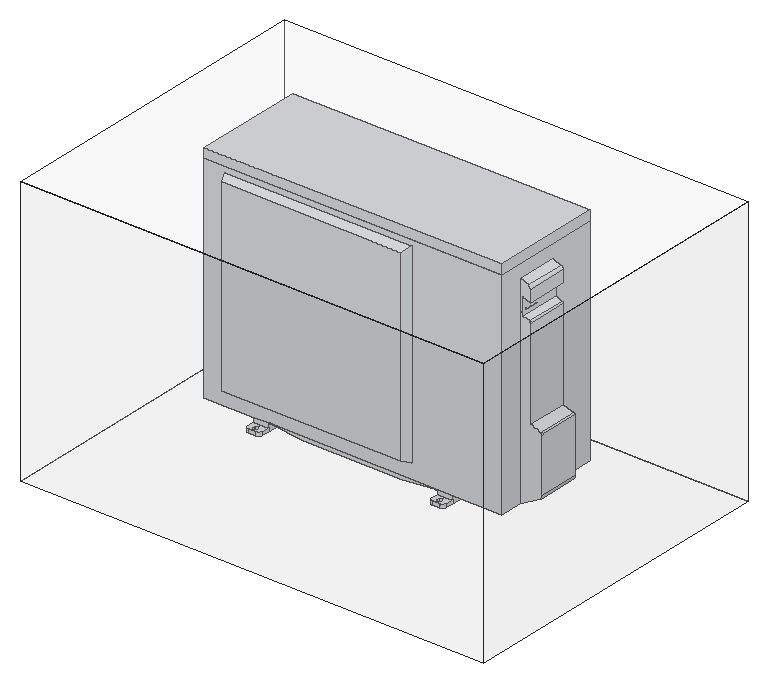
Revit family "puz-ermp40_63(s)ka11_60Hz", category 機械設備, Revit 2019
Family settings
  丸型コネクタ寸法 = 直径を使用
  パーツ タイプ = 標準
  OmniClass 番号 = 23.75.10.24.21.27.27
  OmniClass タイトル = Split System Air Conditioning Units
  作業面ベース = いいえ
  常に垂直 = はい
  ロード時にボイドで切り取り = いいえ
  共有 = いいえ
  部屋計算ポイント = いいえ
Parameters (values of type "PUZ-ERMP40KA11")
  音響パワーレベル（冷）(dB) = 64
  音響パワーレベル(dB) = 66
  電源種別 = ""
  電源位置Y = 61 mm
  電源位置Z = 497.7 mm
  電源位置X = 400 mm
  電圧 = 200 V
  電動機出力_送風機 = 0.04 kW
  電動機出力_圧縮機 = 0.7 kW
  集中コントローラ [instance] = ""
  運転質量 = 0.00 kg
  運転方法 = "冷暖切替"
  質量 = if(製品質量 > 運転質量, 製品質量, 運転質量) * 1.2  # 45.60 kg
  負荷分類 = 1_熱源類
  説明 = "空冷H/P PAC インバータ室外機"
  設計暖房能力 [instance] = 0 kW
  設計冷房能力_顕熱 [instance] = 0 kW
  設計冷房能力 [instance] = 0 kW
  設置方法 = "床置形"
  記号 [instance] = ""
  製造元 = "三菱電機株式会社"
  製品質量 = 38.00 kg
  製品出荷対象 = "国内"
  製品リリース年月 = "2021年5月10日"
  製品グループ = ""
  系統 [instance] = ""
  符号 = "PAC"
  積算_科目 = "1 空気調和設備"
  積算_拾い区分 [instance] = ""
  相 = 3
  盤記号 [instance] = ""
  発停方法 = "付属スイッチ"
  特殊仕様 [instance] = ""
  消費電力_暖房 = 0.871 kW
  消費電力_冷房 = 0.759 kW
  消費電力 = if(消費電力_冷房 > 消費電力_暖房, 消費電力_冷房, 消費電力_暖房)  # 0.871 kW
  法定耐用年数 = "6"
  構成品番 = "PUZ-ERMP40KA"
  極数 = 3
  材質 [instance] = ""
  本体マテリアル = none
  最小電線太さ_mm2 = 1.6
  最大電流値 = 0 A
  暖房能力 = 4 kW
  推奨ブレーカー容量 = 15 A
  据付ピッチ1 = 0 mm
  形式 = "パッケージ形 室外機"
  形名 = PUZ-ZRMP-1 : PUZ-ZRMP-1
  幹線記号 [instance] = ""
  始動方式 = "インバータ始動方式"
  呼称 = "パッケージ形空気調和機_室外機"
  周波数 = 60 Hz
  価格 = 450000
  ドレン　位置Z = 8.5 mm
  ドレン　位置Y = 48.5 mm
  ドレン　位置X = 404.5 mm
  アンカーボルト位置Y = 330 mm
  アンカーボルト位置X = 500 mm
  参照している仕様書等のバージョン = "公共建築物標準仕様書（機械設備工事編）平成31年度版"
  分類コード = "50053003126100"
  分類グループ = ""
  冷房能力 = 3.6 kW
  冷媒管（ガス）位置X = 420 mm
  冷媒管（液）位置X = 420 mm
  冷媒管（液）位置Y = 153.75 mm
  冷媒管（ガス）位置Y = 153.75 mm
  冷媒管長 [instance] = 0 mm
  冷媒管径符号 = "Ac"
  冷媒管径 = 60.00 mm
  冷媒管位置Z = 158.95 mm
  冷媒管位置Y = (冷媒管（液）位置Y + 冷媒管（ガス）位置Y) / 2  # 153.75 mm
  冷媒管位置X = (冷媒管（液）位置X + 冷媒管（ガス）位置X) / 2  # 420 mm
  冷媒液管径 = 6.35 mm
  冷媒ガス管径 = 12.70 mm
  企業コード = "108420"
  付属品 [instance] = ""
  仕様書バージョン = "Version1.0"
  ユニット数 = 1
  ユニット3 = yes
  ユニット2 = yes
  Model = ""
  ドレン管径 = 42.00 mm
  サービススペース = yes
  コメント [instance] = ""
  ケーブル種類1 = ""
  Width = 809 mm
  Version = ""
  Uniclass2015Version = "Systems v1.9"
  Uniclass2015Title = "Split coil remote air cooled condensing units"
  Uniclass2015Code = "Pr_70_65_03_84"
  URL = "https://www.mitsubishielectric.co.jp/ldg/wink/ssl/displayProduct.do?pid=311553"
  SpecificationReference = ""
  SpecificationDescription = ""
  Revision = ""
  ProductInformation = ""
  OmniClassCode = "23-33 17 13 11"
  IfcTypeProduct = ""
  IfcProduct = ""
  IfcExportType = "AIRCONDITIONINGUNIT"
  IfcExportAs = "IfcUnitaryEquipmentType"
  Height = 630 mm
  Depth = 300 mm
  Clearance Top = 100 mm
  Clearance Right = 350 mm
  Clearance Left = 100 mm
  Clearance Front = 500 mm
  Clearance Bottom = 0 mm
  Clearance Back = 100 mm
  COP = 0
  Author = "三菱電機株式会社"
  APF = 0
Reference planes
  plane 1 "中心(正面/背面)": y = 74
  plane 2: z = 0
  plane 3 "中心(左/右)": x = 830
  plane 4 "右": x = 1234.5
  plane 5 "左": x = 425.5
  plane 6 "背面": y = 224
  plane 7 "正面": y = -76
  plane 8 "上部": z = 630
  plane 9 "Clearanse Top": z = 730
  plane 10 "SS_back": y = 324
  plane 11 "SS_front": y = -576
  plane 12 "SS_left": x = 325.5
  plane 13 "SS_right": x = 1584.5
  plane 14: z = 0
  plane 15: y = -15
  plane 16: x = 1230
  plane 17: z = 497.7
  plane 18: y = -13
  plane 19: y = 70.25
  plane 20: x = 1250
  plane 21: y = 175.5
  plane 22: x = 830
  plane 23: z = 10.5
  plane 24: z = 8.5
  plane 25: x = 580
  plane 26: x = 1080
  plane 27: y = 239
  plane 28: y = -91
Forms (mm)
  Extrusion 1, solid, detail levels fine
    sketch origin (0, -76, 0) x (1, 0, 0) y (0, 0, 1)
      loop
        circle (1230, 497.7) r 13.5
    from -63 to -61
  Extrusion 2, solid, detail levels fine
    sketch origin (-1437.329, -1524, 54) x (-1, 0, 0) y (0, -1, 0)
      loop
        circle (-2267.329, -1699.5) r 21
    from -45.5 to -43.5
  Sweep 3, solid, material <- "本体マテリアル", detail levels fine
    path origin (1250, 1296.25, 1200) x (0, 1, 0) y (0, 0, 1)
      loop
        line (-1226, -1041.05) -> (-1272.623, -1084.565)
    profile origin (1250, 46.939, 137.193) x (0, 0.682318, -0.731055) y (1, 0, 0)
      loop
        circle (0, 0) r 30
Lines and regions (mm)
  model lines, not visible
    curve 1: line (460, 178.667, 1289.179) -> (460, 297.73, 1289.179)
    curve 2: line (460, 178.667, 1056.056) -> (460, 178.667, 1289.179)
    curve 3: line (460, 297.73, 1056.056) -> (460, 178.667, 1056.056)
    curve 4: line (460, 297.73, 1289.179) -> (460, 297.73, 1056.056)
    curve 5: line (460, 47.598, 1289.179) -> (460, 166.661, 1289.179)
    curve 6: line (460, 47.598, 1056.056) -> (460, 47.598, 1289.179)
    curve 7: line (460, 166.661, 1056.056) -> (460, 47.598, 1056.056)
    curve 8: line (460, 166.661, 1289.179) -> (460, 166.661, 1056.056)
    curve 9: line (460, -83.471, 1289.179) -> (460, 35.592, 1289.179)
    curve 10: line (460, -83.471, 1056.056) -> (460, -83.471, 1289.179)
    curve 11: line (460, 35.592, 1056.056) -> (460, -83.471, 1056.056)
    curve 12: line (460, 35.592, 1289.179) -> (460, 35.592, 1056.056)
    curve 13: line (460, -150.779, 1289.179) -> (460, -95.75, 1289.179)
    curve 14: line (460, -150.779, 1056.056) -> (460, -150.779, 1289.179)
    curve 15: line (460, -95.75, 1056.056) -> (460, -150.779, 1056.056)
    curve 16: line (460, -95.75, 1289.179) -> (460, -95.75, 1056.056)
    curve 17: line (460, -150.779, 1283.175) -> (460, -132.596, 1283.175)
    curve 18: line (460, -150.779, 1062.059) -> (460, -150.779, 1283.175)
    curve 19: line (460, -132.596, 1062.059) -> (460, -150.779, 1062.059)
    curve 20: line (460, -132.596, 1283.175) -> (460, -132.596, 1062.059)
    curve 21: line (460, 178.667, 1046.051) -> (460, 297.73, 1046.051)
    curve 22: line (460, 178.667, 812.928) -> (460, 178.667, 1046.051)
    curve 23: line (460, 297.73, 812.928) -> (460, 178.667, 812.928)
    curve 24: line (460, 297.73, 1046.051) -> (460, 297.73, 812.928)
    curve 25: line (460, 47.598, 1046.051) -> (460, 166.661, 1046.051)
    curve 26: line (460, 47.598, 812.928) -> (460, 47.598, 1046.051)
    curve 27: line (460, 166.661, 812.928) -> (460, 47.598, 812.928)
    curve 28: line (460, 166.661, 1046.051) -> (460, 166.661, 812.928)
    curve 29: line (460, -83.471, 1046.051) -> (460, 35.592, 1046.051)
    curve 30: line (460, -83.471, 812.928) -> (460, -83.471, 1046.051)
    curve 31: line (460, 35.592, 812.928) -> (460, -83.471, 812.928)
    curve 32: line (460, 35.592, 1046.051) -> (460, 35.592, 812.928)
    curve 33: line (460, -150.779, 1046.051) -> (460, -95.75, 1046.051)
    curve 34: line (460, -150.779, 812.928) -> (460, -150.779, 1046.051)
    curve 35: line (460, -95.75, 812.928) -> (460, -150.779, 812.928)
    curve 36: line (460, -95.75, 1046.051) -> (460, -95.75, 812.928)
    curve 37: line (460, -150.779, 1040.048) -> (460, -132.596, 1040.048)
    curve 38: line (460, -150.779, 818.931) -> (460, -150.779, 1040.048)
    curve 39: line (460, -132.596, 818.931) -> (460, -150.779, 818.931)
    curve 40: line (460, -132.596, 1040.048) -> (460, -132.596, 818.931)
    curve 41: line (460, 178.667, 802.923) -> (460, 297.73, 802.923)
    curve 42: line (460, 178.667, 569.8) -> (460, 178.667, 802.923)
    curve 43: line (460, 297.73, 569.8) -> (460, 178.667, 569.8)
    curve 44: line (460, 297.73, 802.923) -> (460, 297.73, 569.8)
    curve 45: line (460, 47.598, 802.923) -> (460, 166.661, 802.923)
    curve 46: line (460, 47.598, 569.8) -> (460, 47.598, 802.923)
    curve 47: line (460, 166.661, 569.8) -> (460, 47.598, 569.8)
    curve 48: line (460, 166.661, 802.923) -> (460, 166.661, 569.8)
    curve 49: line (460, -83.471, 802.923) -> (460, 35.592, 802.923)
    curve 50: line (460, -83.471, 569.8) -> (460, -83.471, 802.923)
    curve 51: line (460, 35.592, 569.8) -> (460, -83.471, 569.8)
    curve 52: line (460, 35.592, 802.923) -> (460, 35.592, 569.8)
    curve 53: line (460, -150.779, 802.923) -> (460, -95.75, 802.923)
    curve 54: line (460, -150.779, 569.8) -> (460, -150.779, 802.923)
    curve 55: line (460, -95.75, 569.8) -> (460, -150.779, 569.8)
    curve 56: line (460, -95.75, 802.923) -> (460, -95.75, 569.8)
    curve 57: line (460, -150.779, 796.92) -> (460, -132.596, 796.92)
    curve 58: line (460, -150.779, 575.803) -> (460, -150.779, 796.92)
    curve 59: line (460, -132.596, 575.803) -> (460, -150.779, 575.803)
    curve 60: line (460, -132.596, 796.92) -> (460, -132.596, 575.803)
    curve 61: line (460, 178.667, 559.795) -> (460, 297.73, 559.795)
    curve 62: line (460, 178.667, 326.672) -> (460, 178.667, 559.795)
    curve 63: line (460, 297.73, 326.672) -> (460, 178.667, 326.672)
    curve 64: line (460, 297.73, 559.795) -> (460, 297.73, 326.672)
    curve 65: line (460, 47.598, 559.795) -> (460, 166.661, 559.795)
    curve 66: line (460, 47.598, 326.672) -> (460, 47.598, 559.795)
    curve 67: line (460, 166.661, 326.672) -> (460, 47.598, 326.672)
    curve 68: line (460, 166.661, 559.795) -> (460, 166.661, 326.672)
    curve 69: line (460, -83.471, 559.795) -> (460, 35.592, 559.795)
    curve 70: line (460, -83.471, 326.672) -> (460, -83.471, 559.795)
    curve 71: line (460, 35.592, 326.672) -> (460, -83.471, 326.672)
    curve 72: line (460, 35.592, 559.795) -> (460, 35.592, 326.672)
    curve 73: line (460, -150.779, 559.795) -> (460, -95.75, 559.795)
    curve 74: line (460, -150.779, 326.672) -> (460, -150.779, 559.795)
    curve 75: line (460, -95.75, 326.672) -> (460, -150.779, 326.672)
    curve 76: line (460, -95.75, 559.795) -> (460, -95.75, 326.672)
    curve 77: line (460, -150.779, 553.792) -> (460, -132.596, 553.792)
    curve 78: line (460, -150.779, 332.675) -> (460, -150.779, 553.792)
    curve 79: line (460, -132.596, 332.675) -> (460, -150.779, 332.675)
    curve 80: line (460, -132.596, 553.792) -> (460, -132.596, 332.675)
    curve 81: line (460, 178.667, 316.667) -> (460, 297.73, 316.667)
    curve 82: line (460, 178.667, 83.544) -> (460, 178.667, 316.667)
    curve 83: line (460, 297.73, 83.544) -> (460, 178.667, 83.544)
    curve 84: line (460, 297.73, 316.667) -> (460, 297.73, 83.544)
    curve 85: line (460, 47.598, 316.667) -> (460, 166.661, 316.667)
    curve 86: line (460, 47.598, 83.544) -> (460, 47.598, 316.667)
    curve 87: line (460, 166.661, 83.544) -> (460, 47.598, 83.544)
    curve 88: line (460, 166.661, 316.667) -> (460, 166.661, 83.544)
    curve 89: line (460, -83.471, 316.667) -> (460, 35.592, 316.667)
    curve 90: line (460, -83.471, 83.544) -> (460, -83.471, 316.667)
    curve 91: line (460, 35.592, 83.544) -> (460, -83.471, 83.544)
    curve 92: line (460, 35.592, 316.667) -> (460, 35.592, 83.544)
    curve 93: line (460, -150.779, 316.667) -> (460, -95.75, 316.667)
    curve 94: line (460, -150.779, 83.544) -> (460, -150.779, 316.667)
    curve 95: line (460, -95.75, 83.544) -> (460, -150.779, 83.544)
    curve 96: line (460, -95.75, 316.667) -> (460, -95.75, 83.544)
    curve 97: line (460, -150.779, 310.664) -> (460, -132.596, 310.664)
    curve 98: line (460, -150.779, 89.547) -> (460, -150.779, 310.664)
    curve 99: line (460, -132.596, 89.547) -> (460, -150.779, 89.547)
    curve 100: line (460, -132.596, 310.664) -> (460, -132.596, 89.547)
Dimensions and locks
  equal spacing: plane 7 "正面", plane 1 "中心(正面/背面)", plane 6 "背面"
  "Depth": plane 7 "正面" to plane 6 "背面"
  "Width": plane 5 "左" to plane 4 "右"
  equal spacing: plane 5 "左", plane 3 "中心(左/右)", plane 4 "右"
  "Clearance Left": plane 12 "SS_left" to plane 5 "左"
  "Clearance Right": plane 4 "右" to plane 13 "SS_right"
  "Clearance Back": plane 6 "背面" to plane 10 "SS_back"
  "Clearance Front": plane 11 "SS_front" to plane 7 "正面"
  "Height": plane 8 "上部" to level
  "Clearance Top": plane 9 "Clearanse Top" to plane 8 "上部"
  "Clearance Bottom": level to plane 14
  "電源位置X": plane 3 "中心(左/右)" to plane 16
  "電源位置Y": plane 7 "正面" to plane 15
  "電源位置Z": plane 17 to level
  locked: plane 15 to plane 18 at 2
  "冷媒管位置X": plane 3 "中心(左/右)" to plane 20
  "冷媒管位置Y": plane 19 to plane 6 "背面"
  "ドレン　位置X": plane 5 "左" to plane 22
  "ドレン　位置Y": plane 21 to plane 6 "背面"
  locked: plane 23 to plane 24 at 2
  "ドレン　位置Z": plane 24 to level
  equal spacing: plane 28, plane 1 "中心(正面/背面)", plane 27
  "アンカーボルト位置Y": plane 28 to plane 27
  equal spacing: plane 25, plane 3 "中心(左/右)", plane 26
  "アンカーボルト位置X": plane 25 to plane 26
  radius of Extrusion 1 sketch curve = 13.5 mm
  "ドレン管径": diameter of Extrusion 2 sketch curve
  "冷媒管径": diameter of Sweep 3 sketch curve
  aligned and locked: level to plane 2
  aligned and locked: plane 10 "SS_back" to nested 1  (x2)
  aligned and locked: plane 13 "SS_right" to nested 1
  aligned and locked: plane 12 "SS_left" to nested 1  (x2)
  aligned and locked: nested 1 to plane 13 "SS_right"
  aligned and locked: plane 11 "SS_front" to nested 1
  aligned and locked: plane 9 "Clearanse Top" to nested 1
  aligned and locked: plane 1 "中心(正面/背面)" to nested 2
  aligned and locked: plane 3 "中心(左/右)" to nested 2
  aligned and locked: plane 14 to nested 1
  aligned and locked: plane 17 to Extrusion 1 sketch curve
  aligned and locked: plane 16 to Extrusion 1 sketch curve
  aligned and locked: Extrusion 1 to plane 18
  aligned and locked: plane 15 to Extrusion 1
  aligned and locked: plane 22 to Extrusion 2 sketch curve
  aligned and locked: plane 21 to Extrusion 2 sketch curve
  aligned and locked: plane 23 to Extrusion 2
  aligned and locked: Extrusion 2 to plane 24
  aligned and locked: plane 25 to nested 3
  aligned and locked: plane 27 to nested 3
Automatic sketch dimensions
  Sweep 3 sketch curve to plane 18 = 36.627 mm
  plane 1 "中心(正面/背面)" to Sweep 3 sketch curve = 3.75 mm
  plane 23 to Sweep 3 sketch curve = 104.935 mm
  Sweep 3 sketch curve to Sweep 3 sketch curve = 43.515 mm
  Sweep 3 sketch curve to plane 20 = 0 mm
  Sweep 3 sketch curve to profile plane = 0 mm
Nested families
  nested 1: "サービススペース" at (955, -126, 365), visible <- "サービススペース", type "サービススペース"
    with Width 1259 mm, Height 730 mm, Depth 900 mm
  nested 2: "PUZ-ZRMP-1" at (830, 74, 0), type <- "形名", type "PUZ-ZRMP-1"
  nested 3: "固定点" at (580, -91, 0), type "固定点"
    with 中心円 10 mm, W 500 mm, D 330 mm
Connectors
  electrical at (1230, -15, 497.7), driven by "極数", driven by "負荷分類", driven by "電圧", driven by "消費電力"
    settings: on Extrusion 1, index 2, voltage 200 V, apparent load 871 VA, apparent load phase1 0 VA, apparent load phase2 0 VA, apparent load phase3 0 VA, power factor 1, load classification "1_熱源類", number of poles 3, system type 30, power factor state 1, is connector primary yes, connector utility no, sub classification motor no, connector description ""
  piping at (1250, 70.25, 158.95), diameter 60, driven by "冷媒管径", driven by "冷媒管径符号"
    settings: on Sweep 3, index 3, connector inside diameter 609.60 mm, connector length 0 mm, flow factor 0, pipe flow 0.0 L/s, pressure drop 0.0 Pa, fitting loss kfactor 0, connector angle 0.00°, fixture units 0, engagement length 0 mm, angle of deflection 0.00°, flow configuration 1, flow direction 2, fitting loss method 4, system type 7, joint type 0, gender type 0, connector reference index -1, connector utility 0, adjustable connector no, is connector primary yes, connector description "Ac"
Definition of nested family "サービススペース"
  Parameters (values of type "サービススペース")
    Width [instance] = 500 mm
    Height [instance] = 500 mm
    Depth [instance] = 500 mm
  Reference planes
    plane 1 "中心(正面/背面)": y = 0
    plane 2: z = 0
    plane 3 "中心(左/右)": x = 0
    plane 4: y = -250
    plane 5: x = 250
    plane 6: y = 250
    plane 7: x = -250
    plane 8: z = 250
    plane 9: z = -250
  Forms (mm)
    Extrusion 1, solid
      sketch origin (-638.939, 0, 72.39) x (1, 0, 0) y (0, 1, 0)
        loop
          line (388.939, 250) -> (388.939, -250) -> (888.939, -250) -> (888.939, 250) -> (388.939, 250)
      from -322.39 to 177.61
  Lines and regions (mm)
    symbolic lines
      curve 1: line (-250, 0, 250) -> (250, 0, 250)
      curve 2: line (-250, 0, -250) -> (-250, 0, 250)
      curve 3: line (250, 0, -250) -> (-250, 0, -250)
      curve 4: line (250, 0, 250) -> (250, 0, -250)
      curve 5: line (0, -250, 250) -> (0, 250, 250)
      curve 6: line (0, -250, -250) -> (0, -250, 250)
      curve 7: line (0, 250, -250) -> (0, -250, -250)
      curve 8: line (0, 250, 250) -> (0, 250, -250)
      curve 9: line (-250, 250, 0) -> (250, 250, 0)
      curve 10: line (-250, -250, 0) -> (-250, 250, 0)
      curve 11: line (250, -250, 0) -> (-250, -250, 0)
      curve 12: line (250, 250, 0) -> (250, -250, 0)
  Dimensions and locks
    equal spacing: plane 7, plane 3 "中心(左/右)", plane 5
    equal spacing: plane 4, plane 1 "中心(正面/背面)", plane 6
    "Depth": plane 4 to plane 6
    "Width": plane 7 to plane 5
    equal spacing: plane 8, plane 2, plane 9
    "Height": plane 8 to plane 9
    aligned and locked: plane 9 to curve 3
    aligned and locked: plane 7 to curve 2
    aligned and locked: curve 4 to plane 5
    aligned and locked: plane 5 to Extrusion 1
    aligned and locked: Extrusion 1 to plane 7
    aligned and locked: Extrusion 1 to plane 9
    aligned and locked: plane 8 to Extrusion 1
    aligned and locked: plane 9 to curve 7
  Automatic sketch dimensions
    plane 4 to Extrusion 1 sketch curve = 0 mm
    Extrusion 1 sketch curve to plane 7 = 0 mm
    Extrusion 1 sketch curve to plane 5 = 0 mm
    plane 6 to Extrusion 1 sketch curve = 0 mm
    curve 2 to plane 8 = 0 mm
    plane 4 to curve 11 = 0 mm
    curve 11 to plane 7 = 0 mm
    curve 11 to plane 5 = 0 mm
    plane 6 to curve 10 = 0 mm
    curve 7 to plane 4 = 0 mm
    curve 7 to plane 6 = 0 mm
    curve 6 to plane 8 = 0 mm
Definition of nested family "PUZ-ZRMP-1"
  Parameters (values of type "PUZ-ZRMP-1")
    配線取出口サイズ = 27 mm
    配線取出口-Z = 497.7 mm
    配線取出口-Y = 239 mm
    配線取出口-X = 400 mm
    液配管サイズ = 50 mm
    高さ = 630 mm
    換気-W = 310 mm
    換気-H2 = 632 mm
    換気-H1 = 325 mm
    換気-D = 23.2 mm
    奥行き = 300 mm
    吊りボルト_H = 0 mm
    吊りボルト-φ = 10 mm
    冷媒配管サイズ = 6.35 mm
    冷媒液管径-Z = 164.5 mm
    冷媒液管径-Y = 185.5 mm
    冷媒液管径-X = 420 mm
    冷媒ガス管径-Z = 99.5 mm
    冷媒ガス管径-Y = 185.5 mm
    冷媒ガス管径-X = 420 mm
    吊りボルト-W = 500 mm
    マテリアル = none
    ドレン配管サイズ = 42 mm
    ドレン管径-Z = 0 mm
    ドレン管径-Y = 251.5 mm
    ドレン管径-X = 404.5 mm
    タイプ3 = no
    タイプ2 = no
    タイプ1 = yes
    ガス配管サイズ = 12.7 mm
    吊りボルト-D = 330 mm
    幅さ = 809 mm
    a = 600 mm
  Reference planes
    plane 1 "中心(正面/背面)": y = 0
    plane 2: z = 0
    plane 3 "中心(左/右)": x = 0
    plane 4: z = 630
    plane 5: x = -404.5
    plane 6: x = 404.5
    plane 7: y = 150
    plane 8: y = -150
    plane 9: x = 466.5
    plane 10: y = -90
    plane 11: y = 20
    plane 12: z = 605
    plane 13: x = -424.5
    plane 14: x = -250
    plane 15: x = 250
    plane 16: y = 165
    plane 17: y = -165
    plane 18: x = 270
    plane 19: x = 230
    plane 20: x = -230
    plane 21: x = -270
    plane 22: y = 180
    plane 23: y = -180
    plane 24: z = 8.5
    plane 25: z = 20
    plane 26: z = 11.5
    plane 27: x = -135
    plane 28: x = 135
    plane 29: z = 625
    plane 30: y = -40
    plane 31: y = 40
    plane 32: y = -30
    plane 33: y = 30
    plane 34: z = 610
    plane 35: z = 55
    plane 36: z = 225
    plane 37: z = 570
    plane 38: x = 414.5
    plane 39: x = 435.5
    plane 40: y = -173.2
    plane 41: x = -94.5
    plane 42: z = 325
    plane 43: x = 159.5
    plane 44: x = -348.5
    plane 45: z = 589
    plane 46: z = 61
    plane 47: x = -338.5
    plane 48: x = 149.5
    plane 49: z = 579
    plane 50: z = 71
    plane 51: y = 100
    plane 52: y = -100
    plane 53: x = 0
    plane 54: y = 101.5
    plane 55: x = 420
    plane 56: x = 400
    plane 57: y = -89
    plane 58: y = -35.5
    plane 59: y = -35.5
    plane 60: x = 420
    plane 61: z = 99.5
    plane 62: z = 164.5
    plane 63: z = 497.7
    plane 64: y = -39
    plane 65: z = 137.3
    plane 66: z = 180.6
    plane 67: x = 420
    plane 68: y = -35.5
    plane 69 "グループ": x = -600
    plane 70: z = 1338
    plane 71: z = 943
    plane 72: z = 957
    plane 73: z = 1221
    plane 74: z = 693
    plane 75: z = 1211
    plane 76: z = 703
    plane 77: y = -12.5
    plane 78: y = 5
    plane 79: y = -3.75
  Forms (mm)
    Extrusion 1, solid, visible <- "タイプ1", detail levels fine
      sketch origin (-1437.329, -1524, 630) x (-1, 0, 0) y (0, -1, 0)
        loop
          line (-1167.329, -1674) -> (-1167.329, -1374) -> (-1207.329, -1374) -> (-1207.329, -1674) -> (-1167.329, -1674)
        loop
          line (-1667.329, -1674) -> (-1667.329, -1374) -> (-1707.329, -1374) -> (-1707.329, -1674) -> (-1667.329, -1674)
      from -630 to -610
    Extrusion 2, solid, material <- "マテリアル", visible <- "タイプ1", detail levels fine
      sketch origin (0, 0, 0) x (1, 0, 0) y (0, 0, 1)
        loop
          line (-230, 20) -> (-135, 11.5) -> (135, 11.5) -> (230, 20) -> (-230, 20)
      from -150 to 150
    Extrusion 3, solid, material <- "マテリアル", visible <- "タイプ1", detail levels fine
      sketch origin (-1437.329, -1524, 630) x (-1, 0, 0) y (0, -1, 0)
        loop
          circle (-1437.329, -1625.5) r 21
      from -621.5 to -618.5
    Extrusion 4, solid, material <- "マテリアル", visible <- "タイプ1", detail levels fine
      sketch origin (-1437.329, -1524, 630) x (-1, 0, 0) y (0, -1, 0)
        loop
          line (-1841.829, -1674) -> (-1032.829, -1674) -> (-1032.829, -1374) -> (-1841.829, -1374) -> (-1841.829, -1674)
      from -610 to -25
    Extrusion 5, solid, material <- "マテリアル", visible <- "タイプ1", detail levels fine
      sketch origin (-1437.329, -1524, 630) x (-1, 0, 0) y (0, -1, 0)
        loop
          line (-1032.829, -1674) -> (-1032.829, -1374) -> (-1841.829, -1374) -> (-1841.829, -1674) -> (-1032.829, -1674)
      from -25 to 0
    Blend 6, solid, material <- "マテリアル", visible <- "タイプ1", detail levels fine
      base sketch origin (0, 0, 0) x (0, 1, 0) y (0, 0, 1)
        loop
          line (40, 625) -> (-40, 625) -> (-40, 605) -> (40, 605) -> (40, 625)
      top sketch origin (0, 0, 0) x (0, 1, 0) y (0, 0, 1)
        loop
          line (30, 610) -> (-30, 610) -> (-30, 605) -> (30, 605) -> (30, 610)
      from -404.5 to -424.5
    Extrusion 7, solid, material <- "マテリアル", visible <- "タイプ1", detail levels fine
      sketch origin (0, 0, 0) x (1, 0, 0) y (0, 0, 1)
        loop
          line (404.5, 570) -> (404.5, 20) -> (461.416, 52.13)
          arc (461.416, 52.13) -> (465.136, 55.796) -> (466.5, 60.838) r 10
          line (466.5, 60.838) -> (466.5, 210.216)
          arc (466.5, 210.216) -> (465.596, 213.084) -> (463.21, 214.914) r 5
          line (463.21, 214.914) -> (435.5, 225) -> (435.5, 470.082)
          arc (435.5, 470.082) -> (434.596, 472.95) -> (432.21, 474.78) r 5
          line (432.21, 474.78) -> (414.5, 481.226) -> (414.5, 529.114) -> (435.5, 521.471) -> (435.5, 551.715)
          arc (435.5, 551.715) -> (433.692, 557.451) -> (428.92, 561.112) r 10
          line (428.92, 561.112) -> (404.5, 570)
      from -20 to 90
    Blend 8, solid, material <- "マテリアル", visible <- "タイプ1", detail levels fine
      base sketch origin (0, 0, 0) x (1, 0, 0) y (0, 0, 1)
        loop
          line (-348.5, 589) -> (-348.5, 61) -> (159.5, 61) -> (159.5, 589) -> (-348.5, 589)
      top sketch origin (0, 0, 0) x (1, 0, 0) y (0, 0, 1)
        loop
          line (-338.5, 579) -> (-338.5, 71) -> (149.5, 71) -> (149.5, 579) -> (-338.5, 579)
      from 150 to 173.2
    Extrusion 9, solid, material <- "マテリアル", visible <- "タイプ1", detail levels fine
      sketch origin (1480.036, -173.2, 1200) x (1, 0, 0) y (0, 0, 1)
        loop
          circle (-1080.036, -702.3) r 13.5
      from -134.2 to -84.2
    Extrusion 10, solid, visible <- "タイプ1", detail levels fine
      sketch origin (-1437.329, -1524, 630) x (-1, 0, 0) y (0, -1, 0)
        loop
          line (-1167.329, -1704) -> (-1167.329, -1674) -> (-1207.329, -1674) -> (-1207.329, -1704) -> (-1192.329, -1704) -> (-1192.329, -1689)
          arc (-1192.329, -1689) -> (-1187.329, -1684) -> (-1182.329, -1689) r 5
          line (-1182.329, -1689) -> (-1182.329, -1704) -> (-1167.329, -1704)
        loop
          line (-1667.329, -1704) -> (-1667.329, -1674) -> (-1707.329, -1674) -> (-1707.329, -1704) -> (-1692.329, -1704) -> (-1692.329, -1689)
          arc (-1692.329, -1689) -> (-1687.329, -1684) -> (-1682.329, -1689) r 5
          line (-1682.329, -1689) -> (-1682.329, -1704) -> (-1667.329, -1704)
        loop
          line (-1667.329, -1374) -> (-1667.329, -1354)
          arc (-1667.329, -1354) -> (-1670.258, -1346.929) -> (-1677.329, -1344) r 10
          line (-1677.329, -1344) -> (-1697.329, -1344)
          arc (-1697.329, -1344) -> (-1704.4, -1346.929) -> (-1707.329, -1354) r 10
          line (-1707.329, -1354) -> (-1707.329, -1374) -> (-1667.329, -1374)
        loop
          line (-1167.329, -1374) -> (-1167.329, -1354)
          arc (-1167.329, -1354) -> (-1170.258, -1346.929) -> (-1177.329, -1344) r 10
          line (-1177.329, -1344) -> (-1197.329, -1344)
          arc (-1197.329, -1344) -> (-1204.4, -1346.929) -> (-1207.329, -1354) r 10
          line (-1207.329, -1354) -> (-1207.329, -1374) -> (-1167.329, -1374)
        loop
          arc (-1192.329, -1359) -> (-1187.329, -1364) -> (-1182.329, -1359) r 5
          line (-1182.329, -1359) -> (-1182.329, -1354)
          arc (-1182.329, -1354) -> (-1187.329, -1349) -> (-1192.329, -1354) r 5
          line (-1192.329, -1354) -> (-1192.329, -1359)
        loop
          arc (-1692.329, -1359) -> (-1687.329, -1364) -> (-1682.329, -1359) r 5
          line (-1682.329, -1359) -> (-1682.329, -1354)
          arc (-1682.329, -1354) -> (-1687.329, -1349) -> (-1692.329, -1354) r 5
          line (-1692.329, -1354) -> (-1692.329, -1359)
      from -621.5 to -630
    Sweep 11, solid, material <- "マテリアル", visible <- "タイプ1", detail levels fine
      path origin (420, 1296.25, 1200) x (0, 1, 0) y (0, 0, 1)
        loop
          line (-1331.75, -1035.5) -> (-1308.75, -1019.4)
      profile origin (420, -24, 172.55) x (0, -0.573462, 0.819232) y (1, 0, 0)
        loop
          circle (0, 0) r 3.175
    Sweep 12, solid, material <- "マテリアル", visible <- "タイプ1", detail levels fine
      path origin (420, 1296.25, 1200) x (0, 1, 0) y (0, 0, 1)
        loop
          line (-1331.75, -1100.5) -> (-1291.25, -1062.7)
      profile origin (420, -15.25, 118.4) x (0, -0.682318, 0.731055) y (1, 0, 0)
        loop
          circle (0, 0) r 6.35
  Lines and regions (mm)
    Masking region 1, visible <- "タイプ1", detail levels coarse+medium
      outline origin (-1437.329, -1524, 630) x (-1, 0, 0) y (0, -1, 0)
        loop
          line (-1841.829, -1674) -> (-1707.329, -1674) -> (-1707.329, -1704) -> (-1667.329, -1704) -> (-1667.329, -1674) -> (-1207.329, -1674) -> (-1207.329, -1704) -> (-1167.329, -1704) -> (-1167.329, -1674) -> (-1032.829, -1674) -> (-1032.829, -1564) -> (-1012.829, -1554) -> (-1012.829, -1494) -> (-1032.829, -1484) -> (-1032.829, -1374) -> (-1088.829, -1374) -> (-1098.829, -1350.8) -> (-1167.855, -1350.8)
          arc (-1167.855, -1350.8) -> (-1171.498, -1345.876) -> (-1177.329, -1344) r 10
          line (-1177.329, -1344) -> (-1197.329, -1344)
          arc (-1197.329, -1344) -> (-1203.16, -1345.876) -> (-1206.804, -1350.8) r 10
          line (-1206.804, -1350.8) -> (-1586.829, -1350.8) -> (-1596.829, -1374) -> (-1667.329, -1374) -> (-1667.329, -1354)
          arc (-1667.329, -1354) -> (-1670.258, -1346.929) -> (-1677.329, -1344) r 10
          line (-1677.329, -1344) -> (-1697.329, -1344)
          arc (-1697.329, -1344) -> (-1704.4, -1346.929) -> (-1707.329, -1354) r 10
          line (-1707.329, -1354) -> (-1707.329, -1374) -> (-1841.829, -1374) -> (-1841.829, -1434) -> (-1903.829, -1434) -> (-1903.829, -1544) -> (-1841.829, -1544) -> (-1841.829, -1674)
    model lines, visible <- "タイプ1", detail levels fine
      curve 1: line (324.5, 100, 630) -> (-324.5, 100, 630)
      curve 2: line (-324.5, -100, 630) -> (324.5, -100, 630)
      curve 3: line (-324.5, -40, 630) -> (324.5, -40, 630)
      curve 4: line (324.5, 40, 630) -> (-324.5, 40, 630)
      curve 5: line (-324.5, -30, 630) -> (324.5, -30, 630)
      curve 6: line (324.5, 30, 630) -> (-324.5, 30, 630)
      curve 7: line (-324.5, 100, 630) -> (-324.5, 40, 630)
      curve 8: line (324.5, -100, 630) -> (324.5, -40, 630)
      curve 9: line (-324.5, 30, 630) -> (-324.5, -30, 630)
      curve 10: line (-324.5, -40, 630) -> (-324.5, -100, 630)
      curve 11: line (324.5, -30, 630) -> (324.5, 30, 630)
      curve 12: line (324.5, 40, 630) -> (324.5, 100, 630)
      curve 13: line (354.5, -100, 630) -> (354.5, 100, 630)
      curve 14: line (339.5, -100, 630) -> (339.5, 100, 630)
      curve 15: line (-354.5, 100, 630) -> (-354.5, -100, 630)
      curve 16: line (-339.5, 100, 630) -> (-339.5, -100, 630)
      curve 17: line (-339.5, 100, 630) -> (-354.5, 100, 630)
      curve 18: line (-339.5, -100, 630) -> (-354.5, -100, 630)
      curve 19: line (339.5, 100, 630) -> (354.5, 100, 630)
      curve 20: line (339.5, -100, 630) -> (354.5, -100, 630)
      curve 21: line (-338.5, -173.2, 372.5) -> (149.5, -173.2, 372.5)
      curve 22: line (149.5, -173.2, 277.5) -> (-338.5, -173.2, 277.5)
      curve 23: line (-338.5, -173.2, 467.5) -> (149.5, -173.2, 467.5)
      curve 24: line (-338.5, -173.2, 562.5) -> (149.5, -173.2, 562.5)
      curve 25: line (149.5, -173.2, 182.5) -> (-338.5, -173.2, 182.5)
      curve 26: line (149.5, -173.2, 87.5) -> (-338.5, -173.2, 87.5)
      curve 27: line (-321.071, -173.2, 579) -> (-321.071, -173.2, 71)
      curve 28: line (132.071, -173.2, 71) -> (132.071, -173.2, 579)
      curve 29: line (-303.643, -173.2, 579) -> (-303.643, -173.2, 71)
      curve 30: line (-286.214, -173.2, 579) -> (-286.214, -173.2, 71)
      curve 31: line (-268.786, -173.2, 579) -> (-268.786, -173.2, 71)
      curve 32: line (-251.357, -173.2, 579) -> (-251.357, -173.2, 71)
      curve 33: line (-233.929, -173.2, 579) -> (-233.929, -173.2, 71)
      curve 34: line (-216.5, -173.2, 579) -> (-216.5, -173.2, 71)
      curve 35: line (-199.071, -173.2, 579) -> (-199.071, -173.2, 71)
      curve 36: line (-181.643, -173.2, 579) -> (-181.643, -173.2, 71)
      curve 37: line (-164.214, -173.2, 579) -> (-164.214, -173.2, 71)
      curve 38: line (-146.786, -173.2, 579) -> (-146.786, -173.2, 71)
      curve 39: line (-129.357, -173.2, 579) -> (-129.357, -173.2, 71)
      curve 40: line (-111.929, -173.2, 579) -> (-111.929, -173.2, 71)
      curve 41: line (-94.5, -173.2, 579) -> (-94.5, -173.2, 71)
      curve 42: line (-77.071, -173.2, 579) -> (-77.071, -173.2, 71)
      curve 43: line (-59.643, -173.2, 579) -> (-59.643, -173.2, 71)
      curve 44: line (-42.214, -173.2, 579) -> (-42.214, -173.2, 71)
      curve 45: line (-24.786, -173.2, 579) -> (-24.786, -173.2, 71)
      curve 46: line (-7.357, -173.2, 579) -> (-7.357, -173.2, 71)
      curve 47: line (10.071, -173.2, 579) -> (10.071, -173.2, 71)
      curve 48: line (27.5, -173.2, 579) -> (27.5, -173.2, 71)
      curve 49: line (44.929, -173.2, 579) -> (44.929, -173.2, 71)
      curve 50: line (62.357, -173.2, 579) -> (62.357, -173.2, 71)
      curve 51: line (79.786, -173.2, 579) -> (79.786, -173.2, 71)
      curve 52: line (97.214, -173.2, 579) -> (97.214, -173.2, 71)
      curve 53: line (114.643, -173.2, 579) -> (114.643, -173.2, 71)
      curve 54: line (-404.5, -10, 574) -> (-404.5, -10, 584)
      curve 55: line (-404.5, -100, 584) -> (-404.5, -100, 574)
      curve 56: line (-404.5, 100, 584) -> (-404.5, 100, 574)
      curve 57: line (-404.5, 10, 584) -> (-404.5, 10, 574)
      curve 58: line (-404.5, 95, 589) -> (-404.5, 15, 589)
      curve 59: line (-404.5, -15, 589) -> (-404.5, -95, 589)
      curve 60: line (-404.5, -15, 569) -> (-404.5, -95, 569)
      curve 61: line (-404.5, 95, 569) -> (-404.5, 15, 569)
      curve 62: arc (-404.5, 100, 584) -> (-404.5, 98.536, 587.536) -> (-404.5, 95, 589) r 5
      curve 63: arc (-404.5, 95, 569) -> (-404.5, 98.536, 570.464) -> (-404.5, 100, 574) r 5
      curve 64: arc (-404.5, 10, 584) -> (-404.5, 11.464, 587.536) -> (-404.5, 15, 589) r 5
      curve 65: arc (-404.5, 10, 574) -> (-404.5, 11.464, 570.464) -> (-404.5, 15, 569) r 5
      curve 66: arc (-404.5, -10, 584) -> (-404.5, -11.464, 587.536) -> (-404.5, -15, 589) r 5
      curve 67: arc (-404.5, -15, 569) -> (-404.5, -11.464, 570.464) -> (-404.5, -10, 574) r 5
      curve 68: arc (-404.5, -95, 589) -> (-404.5, -98.536, 587.536) -> (-404.5, -100, 584) r 5
      curve 69: arc (-404.5, -100, 574) -> (-404.5, -98.536, 570.464) -> (-404.5, -95, 569) r 5
      curve 70: line (-404.5, -10, 544) -> (-404.5, -10, 554)
      curve 71: line (-404.5, -100, 554) -> (-404.5, -100, 544)
      curve 72: line (-404.5, 100, 554) -> (-404.5, 100, 544)
      curve 73: line (-404.5, 10, 554) -> (-404.5, 10, 544)
      curve 74: line (-404.5, 95, 559) -> (-404.5, 15, 559)
      curve 75: line (-404.5, -15, 559) -> (-404.5, -95, 559)
      curve 76: line (-404.5, -15, 539) -> (-404.5, -95, 539)
      curve 77: line (-404.5, 95, 539) -> (-404.5, 15, 539)
      curve 78: arc (-404.5, 100, 554) -> (-404.5, 98.536, 557.536) -> (-404.5, 95, 559) r 5
      curve 79: arc (-404.5, 95, 539) -> (-404.5, 98.536, 540.464) -> (-404.5, 100, 544) r 5
      curve 80: arc (-404.5, 10, 554) -> (-404.5, 11.464, 557.536) -> (-404.5, 15, 559) r 5
      curve 81: arc (-404.5, 10, 544) -> (-404.5, 11.464, 540.464) -> (-404.5, 15, 539) r 5
      curve 82: arc (-404.5, -10, 554) -> (-404.5, -11.464, 557.536) -> (-404.5, -15, 559) r 5
      curve 83: arc (-404.5, -15, 539) -> (-404.5, -11.464, 540.464) -> (-404.5, -10, 544) r 5
      curve 84: arc (-404.5, -95, 559) -> (-404.5, -98.536, 557.536) -> (-404.5, -100, 554) r 5
      curve 85: arc (-404.5, -100, 544) -> (-404.5, -98.536, 540.464) -> (-404.5, -95, 539) r 5
      curve 86: line (-404.5, -10, 514) -> (-404.5, -10, 524)
      curve 87: line (-404.5, -100, 524) -> (-404.5, -100, 514)
      curve 88: line (-404.5, 100, 524) -> (-404.5, 100, 514)
      curve 89: line (-404.5, 10, 524) -> (-404.5, 10, 514)
      curve 90: line (-404.5, 95, 529) -> (-404.5, 15, 529)
      curve 91: line (-404.5, -15, 529) -> (-404.5, -95, 529)
      curve 92: line (-404.5, -15, 509) -> (-404.5, -95, 509)
      curve 93: line (-404.5, 95, 509) -> (-404.5, 15, 509)
      curve 94: arc (-404.5, 100, 524) -> (-404.5, 98.536, 527.536) -> (-404.5, 95, 529) r 5
      curve 95: arc (-404.5, 95, 509) -> (-404.5, 98.536, 510.464) -> (-404.5, 100, 514) r 5
      curve 96: arc (-404.5, 10, 524) -> (-404.5, 11.464, 527.536) -> (-404.5, 15, 529) r 5
      curve 97: arc (-404.5, 10, 514) -> (-404.5, 11.464, 510.464) -> (-404.5, 15, 509) r 5
      curve 98: arc (-404.5, -10, 524) -> (-404.5, -11.464, 527.536) -> (-404.5, -15, 529) r 5
      curve 99: arc (-404.5, -15, 509) -> (-404.5, -11.464, 510.464) -> (-404.5, -10, 514) r 5
      curve 100: arc (-404.5, -95, 529) -> (-404.5, -98.536, 527.536) -> (-404.5, -100, 524) r 5
      curve 101: arc (-404.5, -100, 514) -> (-404.5, -98.536, 510.464) -> (-404.5, -95, 509) r 5
      curve 102: line (-404.5, -10, 484) -> (-404.5, -10, 494)
      curve 103: line (-404.5, -100, 494) -> (-404.5, -100, 484)
      curve 104: line (-404.5, 100, 494) -> (-404.5, 100, 484)
      curve 105: line (-404.5, 10, 494) -> (-404.5, 10, 484)
      curve 106: line (-404.5, 95, 499) -> (-404.5, 15, 499)
      curve 107: line (-404.5, -15, 499) -> (-404.5, -95, 499)
      curve 108: line (-404.5, -15, 479) -> (-404.5, -95, 479)
      curve 109: line (-404.5, 95, 479) -> (-404.5, 15, 479)
      curve 110: arc (-404.5, 100, 494) -> (-404.5, 98.536, 497.536) -> (-404.5, 95, 499) r 5
      curve 111: arc (-404.5, 95, 479) -> (-404.5, 98.536, 480.464) -> (-404.5, 100, 484) r 5
      curve 112: arc (-404.5, 10, 494) -> (-404.5, 11.464, 497.536) -> (-404.5, 15, 499) r 5
      curve 113: arc (-404.5, 10, 484) -> (-404.5, 11.464, 480.464) -> (-404.5, 15, 479) r 5
      curve 114: arc (-404.5, -10, 494) -> (-404.5, -11.464, 497.536) -> (-404.5, -15, 499) r 5
      curve 115: arc (-404.5, -15, 479) -> (-404.5, -11.464, 480.464) -> (-404.5, -10, 484) r 5
      curve 116: arc (-404.5, -95, 499) -> (-404.5, -98.536, 497.536) -> (-404.5, -100, 494) r 5
      curve 117: arc (-404.5, -100, 484) -> (-404.5, -98.536, 480.464) -> (-404.5, -95, 479) r 5
      curve 118: line (-404.5, -10, 454) -> (-404.5, -10, 464)
      curve 119: line (-404.5, -100, 464) -> (-404.5, -100, 454)
      curve 120: line (-404.5, 100, 464) -> (-404.5, 100, 454)
      curve 121: line (-404.5, 10, 464) -> (-404.5, 10, 454)
      curve 122: line (-404.5, 95, 469) -> (-404.5, 15, 469)
      curve 123: line (-404.5, -15, 469) -> (-404.5, -95, 469)
      curve 124: line (-404.5, -15, 449) -> (-404.5, -95, 449)
      curve 125: line (-404.5, 95, 449) -> (-404.5, 15, 449)
      curve 126: arc (-404.5, 100, 464) -> (-404.5, 98.536, 467.536) -> (-404.5, 95, 469) r 5
      curve 127: arc (-404.5, 95, 449) -> (-404.5, 98.536, 450.464) -> (-404.5, 100, 454) r 5
      curve 128: arc (-404.5, 10, 464) -> (-404.5, 11.464, 467.536) -> (-404.5, 15, 469) r 5
      curve 129: arc (-404.5, 10, 454) -> (-404.5, 11.464, 450.464) -> (-404.5, 15, 449) r 5
      curve 130: arc (-404.5, -10, 464) -> (-404.5, -11.464, 467.536) -> (-404.5, -15, 469) r 5
      curve 131: arc (-404.5, -15, 449) -> (-404.5, -11.464, 450.464) -> (-404.5, -10, 454) r 5
      curve 132: arc (-404.5, -95, 469) -> (-404.5, -98.536, 467.536) -> (-404.5, -100, 464) r 5
      curve 133: arc (-404.5, -100, 454) -> (-404.5, -98.536, 450.464) -> (-404.5, -95, 449) r 5
      curve 134: line (-404.5, -10, 424) -> (-404.5, -10, 434)
      curve 135: line (-404.5, -100, 434) -> (-404.5, -100, 424)
      curve 136: line (-404.5, 100, 434) -> (-404.5, 100, 424)
      curve 137: line (-404.5, 10, 434) -> (-404.5, 10, 424)
      curve 138: line (-404.5, 95, 439) -> (-404.5, 15, 439)
      curve 139: line (-404.5, -15, 439) -> (-404.5, -95, 439)
      curve 140: line (-404.5, -15, 419) -> (-404.5, -95, 419)
      curve 141: line (-404.5, 95, 419) -> (-404.5, 15, 419)
      curve 142: arc (-404.5, 100, 434) -> (-404.5, 98.536, 437.536) -> (-404.5, 95, 439) r 5
      curve 143: arc (-404.5, 95, 419) -> (-404.5, 98.536, 420.464) -> (-404.5, 100, 424) r 5
      curve 144: arc (-404.5, 10, 434) -> (-404.5, 11.464, 437.536) -> (-404.5, 15, 439) r 5
      curve 145: arc (-404.5, 10, 424) -> (-404.5, 11.464, 420.464) -> (-404.5, 15, 419) r 5
      curve 146: arc (-404.5, -10, 434) -> (-404.5, -11.464, 437.536) -> (-404.5, -15, 439) r 5
      curve 147: arc (-404.5, -15, 419) -> (-404.5, -11.464, 420.464) -> (-404.5, -10, 424) r 5
      curve 148: arc (-404.5, -95, 439) -> (-404.5, -98.536, 437.536) -> (-404.5, -100, 434) r 5
      curve 149: arc (-404.5, -100, 424) -> (-404.5, -98.536, 420.464) -> (-404.5, -95, 419) r 5
      curve 150: line (-404.5, -10, 394) -> (-404.5, -10, 404)
      curve 151: line (-404.5, -100, 404) -> (-404.5, -100, 394)
      curve 152: line (-404.5, 100, 404) -> (-404.5, 100, 394)
      curve 153: line (-404.5, 10, 404) -> (-404.5, 10, 394)
      curve 154: line (-404.5, 95, 409) -> (-404.5, 15, 409)
      curve 155: line (-404.5, -15, 409) -> (-404.5, -95, 409)
      curve 156: line (-404.5, -15, 389) -> (-404.5, -95, 389)
      curve 157: line (-404.5, 95, 389) -> (-404.5, 15, 389)
      curve 158: arc (-404.5, 100, 404) -> (-404.5, 98.536, 407.536) -> (-404.5, 95, 409) r 5
      curve 159: arc (-404.5, 95, 389) -> (-404.5, 98.536, 390.464) -> (-404.5, 100, 394) r 5
      curve 160: arc (-404.5, 10, 404) -> (-404.5, 11.464, 407.536) -> (-404.5, 15, 409) r 5
      curve 161: arc (-404.5, 10, 394) -> (-404.5, 11.464, 390.464) -> (-404.5, 15, 389) r 5
      curve 162: arc (-404.5, -10, 404) -> (-404.5, -11.464, 407.536) -> (-404.5, -15, 409) r 5
      curve 163: arc (-404.5, -15, 389) -> (-404.5, -11.464, 390.464) -> (-404.5, -10, 394) r 5
      curve 164: arc (-404.5, -95, 409) -> (-404.5, -98.536, 407.536) -> (-404.5, -100, 404) r 5
      curve 165: arc (-404.5, -100, 394) -> (-404.5, -98.536, 390.464) -> (-404.5, -95, 389) r 5
      curve 166: line (-404.5, -10, 364) -> (-404.5, -10, 374)
      curve 167: line (-404.5, -100, 374) -> (-404.5, -100, 364)
      curve 168: line (-404.5, 100, 374) -> (-404.5, 100, 364)
      curve 169: line (-404.5, 10, 374) -> (-404.5, 10, 364)
      curve 170: line (-404.5, 95, 379) -> (-404.5, 15, 379)
      curve 171: line (-404.5, -15, 379) -> (-404.5, -95, 379)
      curve 172: line (-404.5, -15, 359) -> (-404.5, -95, 359)
      curve 173: line (-404.5, 95, 359) -> (-404.5, 15, 359)
      curve 174: arc (-404.5, 100, 374) -> (-404.5, 98.536, 377.536) -> (-404.5, 95, 379) r 5
      curve 175: arc (-404.5, 95, 359) -> (-404.5, 98.536, 360.464) -> (-404.5, 100, 364) r 5
      curve 176: arc (-404.5, 10, 374) -> (-404.5, 11.464, 377.536) -> (-404.5, 15, 379) r 5
      curve 177: arc (-404.5, 10, 364) -> (-404.5, 11.464, 360.464) -> (-404.5, 15, 359) r 5
      curve 178: arc (-404.5, -10, 374) -> (-404.5, -11.464, 377.536) -> (-404.5, -15, 379) r 5
      curve 179: arc (-404.5, -15, 359) -> (-404.5, -11.464, 360.464) -> (-404.5, -10, 364) r 5
      curve 180: arc (-404.5, -95, 379) -> (-404.5, -98.536, 377.536) -> (-404.5, -100, 374) r 5
      curve 181: arc (-404.5, -100, 364) -> (-404.5, -98.536, 360.464) -> (-404.5, -95, 359) r 5
      curve 182: line (-404.5, -10, 334) -> (-404.5, -10, 344)
      curve 183: line (-404.5, -100, 344) -> (-404.5, -100, 334)
      curve 184: line (-404.5, 100, 344) -> (-404.5, 100, 334)
      curve 185: line (-404.5, 10, 344) -> (-404.5, 10, 334)
      curve 186: line (-404.5, 95, 349) -> (-404.5, 15, 349)
      curve 187: line (-404.5, -15, 349) -> (-404.5, -95, 349)
      curve 188: line (-404.5, -15, 329) -> (-404.5, -95, 329)
      curve 189: line (-404.5, 95, 329) -> (-404.5, 15, 329)
      curve 190: arc (-404.5, 100, 344) -> (-404.5, 98.536, 347.536) -> (-404.5, 95, 349) r 5
      curve 191: arc (-404.5, 95, 329) -> (-404.5, 98.536, 330.464) -> (-404.5, 100, 334) r 5
      curve 192: arc (-404.5, 10, 344) -> (-404.5, 11.464, 347.536) -> (-404.5, 15, 349) r 5
      curve 193: arc (-404.5, 10, 334) -> (-404.5, 11.464, 330.464) -> (-404.5, 15, 329) r 5
      curve 194: arc (-404.5, -10, 344) -> (-404.5, -11.464, 347.536) -> (-404.5, -15, 349) r 5
      curve 195: arc (-404.5, -15, 329) -> (-404.5, -11.464, 330.464) -> (-404.5, -10, 334) r 5
      curve 196: arc (-404.5, -95, 349) -> (-404.5, -98.536, 347.536) -> (-404.5, -100, 344) r 5
      curve 197: arc (-404.5, -100, 334) -> (-404.5, -98.536, 330.464) -> (-404.5, -95, 329) r 5
      curve 198: line (-404.5, -10, 304) -> (-404.5, -10, 314)
      curve 199: line (-404.5, -100, 314) -> (-404.5, -100, 304)
      curve 200: line (-404.5, 100, 314) -> (-404.5, 100, 304)
      curve 201: line (-404.5, 10, 314) -> (-404.5, 10, 304)
      curve 202: line (-404.5, 95, 319) -> (-404.5, 15, 319)
      curve 203: line (-404.5, -15, 319) -> (-404.5, -95, 319)
      curve 204: line (-404.5, -15, 299) -> (-404.5, -95, 299)
      curve 205: line (-404.5, 95, 299) -> (-404.5, 15, 299)
      curve 206: arc (-404.5, 100, 314) -> (-404.5, 98.536, 317.536) -> (-404.5, 95, 319) r 5
      curve 207: arc (-404.5, 95, 299) -> (-404.5, 98.536, 300.464) -> (-404.5, 100, 304) r 5
      curve 208: arc (-404.5, 10, 314) -> (-404.5, 11.464, 317.536) -> (-404.5, 15, 319) r 5
      curve 209: arc (-404.5, 10, 304) -> (-404.5, 11.464, 300.464) -> (-404.5, 15, 299) r 5
      curve 210: arc (-404.5, -10, 314) -> (-404.5, -11.464, 317.536) -> (-404.5, -15, 319) r 5
      curve 211: arc (-404.5, -15, 299) -> (-404.5, -11.464, 300.464) -> (-404.5, -10, 304) r 5
      curve 212: arc (-404.5, -95, 319) -> (-404.5, -98.536, 317.536) -> (-404.5, -100, 314) r 5
      curve 213: arc (-404.5, -100, 304) -> (-404.5, -98.536, 300.464) -> (-404.5, -95, 299) r 5
      curve 214: line (-404.5, -10, 274) -> (-404.5, -10, 284)
      curve 215: line (-404.5, -100, 284) -> (-404.5, -100, 274)
      curve 216: line (-404.5, 100, 284) -> (-404.5, 100, 274)
      curve 217: line (-404.5, 10, 284) -> (-404.5, 10, 274)
      curve 218: line (-404.5, 95, 289) -> (-404.5, 15, 289)
      curve 219: line (-404.5, -15, 289) -> (-404.5, -95, 289)
      curve 220: line (-404.5, -15, 269) -> (-404.5, -95, 269)
      curve 221: line (-404.5, 95, 269) -> (-404.5, 15, 269)
      curve 222: arc (-404.5, 100, 284) -> (-404.5, 98.536, 287.536) -> (-404.5, 95, 289) r 5
      curve 223: arc (-404.5, 95, 269) -> (-404.5, 98.536, 270.464) -> (-404.5, 100, 274) r 5
      curve 224: arc (-404.5, 10, 284) -> (-404.5, 11.464, 287.536) -> (-404.5, 15, 289) r 5
      curve 225: arc (-404.5, 10, 274) -> (-404.5, 11.464, 270.464) -> (-404.5, 15, 269) r 5
      curve 226: arc (-404.5, -10, 284) -> (-404.5, -11.464, 287.536) -> (-404.5, -15, 289) r 5
      curve 227: arc (-404.5, -15, 269) -> (-404.5, -11.464, 270.464) -> (-404.5, -10, 274) r 5
      curve 228: arc (-404.5, -95, 289) -> (-404.5, -98.536, 287.536) -> (-404.5, -100, 284) r 5
      curve 229: arc (-404.5, -100, 274) -> (-404.5, -98.536, 270.464) -> (-404.5, -95, 269) r 5
      curve 230: line (-404.5, -10, 244) -> (-404.5, -10, 254)
      curve 231: line (-404.5, -100, 254) -> (-404.5, -100, 244)
      curve 232: line (-404.5, 100, 254) -> (-404.5, 100, 244)
      curve 233: line (-404.5, 10, 254) -> (-404.5, 10, 244)
      curve 234: line (-404.5, 95, 259) -> (-404.5, 15, 259)
      curve 235: line (-404.5, -15, 259) -> (-404.5, -95, 259)
      curve 236: line (-404.5, -15, 239) -> (-404.5, -95, 239)
      curve 237: line (-404.5, 95, 239) -> (-404.5, 15, 239)
      curve 238: arc (-404.5, 100, 254) -> (-404.5, 98.536, 257.536) -> (-404.5, 95, 259) r 5
      curve 239: arc (-404.5, 95, 239) -> (-404.5, 98.536, 240.464) -> (-404.5, 100, 244) r 5
      curve 240: arc (-404.5, 10, 254) -> (-404.5, 11.464, 257.536) -> (-404.5, 15, 259) r 5
      curve 241: arc (-404.5, 10, 244) -> (-404.5, 11.464, 240.464) -> (-404.5, 15, 239) r 5
      curve 242: arc (-404.5, -10, 254) -> (-404.5, -11.464, 257.536) -> (-404.5, -15, 259) r 5
      curve 243: arc (-404.5, -15, 239) -> (-404.5, -11.464, 240.464) -> (-404.5, -10, 244) r 5
      curve 244: arc (-404.5, -95, 259) -> (-404.5, -98.536, 257.536) -> (-404.5, -100, 254) r 5
      curve 245: arc (-404.5, -100, 244) -> (-404.5, -98.536, 240.464) -> (-404.5, -95, 239) r 5
      curve 246: line (-404.5, -10, 214) -> (-404.5, -10, 224)
      curve 247: line (-404.5, -100, 224) -> (-404.5, -100, 214)
      curve 248: line (-404.5, 100, 224) -> (-404.5, 100, 214)
      curve 249: line (-404.5, 10, 224) -> (-404.5, 10, 214)
      curve 250: line (-404.5, 95, 229) -> (-404.5, 15, 229)
      curve 251: line (-404.5, -15, 229) -> (-404.5, -95, 229)
      curve 252: line (-404.5, -15, 209) -> (-404.5, -95, 209)
      curve 253: line (-404.5, 95, 209) -> (-404.5, 15, 209)
      curve 254: arc (-404.5, 100, 224) -> (-404.5, 98.536, 227.536) -> (-404.5, 95, 229) r 5
      curve 255: arc (-404.5, 95, 209) -> (-404.5, 98.536, 210.464) -> (-404.5, 100, 214) r 5
      curve 256: arc (-404.5, 10, 224) -> (-404.5, 11.464, 227.536) -> (-404.5, 15, 229) r 5
      curve 257: arc (-404.5, 10, 214) -> (-404.5, 11.464, 210.464) -> (-404.5, 15, 209) r 5
      curve 258: arc (-404.5, -10, 224) -> (-404.5, -11.464, 227.536) -> (-404.5, -15, 229) r 5
      curve 259: arc (-404.5, -15, 209) -> (-404.5, -11.464, 210.464) -> (-404.5, -10, 214) r 5
      curve 260: arc (-404.5, -95, 229) -> (-404.5, -98.536, 227.536) -> (-404.5, -100, 224) r 5
      curve 261: arc (-404.5, -100, 214) -> (-404.5, -98.536, 210.464) -> (-404.5, -95, 209) r 5
      curve 262: line (-404.5, -10, 184) -> (-404.5, -10, 194)
      curve 263: line (-404.5, -100, 194) -> (-404.5, -100, 184)
      curve 264: line (-404.5, 100, 194) -> (-404.5, 100, 184)
      curve 265: line (-404.5, 10, 194) -> (-404.5, 10, 184)
      curve 266: line (-404.5, 95, 199) -> (-404.5, 15, 199)
      curve 267: line (-404.5, -15, 199) -> (-404.5, -95, 199)
      curve 268: line (-404.5, -15, 179) -> (-404.5, -95, 179)
      curve 269: line (-404.5, 95, 179) -> (-404.5, 15, 179)
      curve 270: arc (-404.5, 100, 194) -> (-404.5, 98.536, 197.536) -> (-404.5, 95, 199) r 5
      curve 271: arc (-404.5, 95, 179) -> (-404.5, 98.536, 180.464) -> (-404.5, 100, 184) r 5
      curve 272: arc (-404.5, 10, 194) -> (-404.5, 11.464, 197.536) -> (-404.5, 15, 199) r 5
      curve 273: arc (-404.5, 10, 184) -> (-404.5, 11.464, 180.464) -> (-404.5, 15, 179) r 5
      curve 274: arc (-404.5, -10, 194) -> (-404.5, -11.464, 197.536) -> (-404.5, -15, 199) r 5
      curve 275: arc (-404.5, -15, 179) -> (-404.5, -11.464, 180.464) -> (-404.5, -10, 184) r 5
      curve 276: arc (-404.5, -95, 199) -> (-404.5, -98.536, 197.536) -> (-404.5, -100, 194) r 5
      curve 277: arc (-404.5, -100, 184) -> (-404.5, -98.536, 180.464) -> (-404.5, -95, 179) r 5
      curve 278: line (-404.5, -10, 154) -> (-404.5, -10, 164)
      curve 279: line (-404.5, -100, 164) -> (-404.5, -100, 154)
      curve 280: line (-404.5, 100, 164) -> (-404.5, 100, 154)
      curve 281: line (-404.5, 10, 164) -> (-404.5, 10, 154)
      curve 282: line (-404.5, 95, 169) -> (-404.5, 15, 169)
      curve 283: line (-404.5, -15, 169) -> (-404.5, -95, 169)
      curve 284: line (-404.5, -15, 149) -> (-404.5, -95, 149)
      curve 285: line (-404.5, 95, 149) -> (-404.5, 15, 149)
      curve 286: arc (-404.5, 100, 164) -> (-404.5, 98.536, 167.536) -> (-404.5, 95, 169) r 5
      curve 287: arc (-404.5, 95, 149) -> (-404.5, 98.536, 150.464) -> (-404.5, 100, 154) r 5
      curve 288: arc (-404.5, 10, 164) -> (-404.5, 11.464, 167.536) -> (-404.5, 15, 169) r 5
      curve 289: arc (-404.5, 10, 154) -> (-404.5, 11.464, 150.464) -> (-404.5, 15, 149) r 5
      curve 290: arc (-404.5, -10, 164) -> (-404.5, -11.464, 167.536) -> (-404.5, -15, 169) r 5
      curve 291: arc (-404.5, -15, 149) -> (-404.5, -11.464, 150.464) -> (-404.5, -10, 154) r 5
      curve 292: arc (-404.5, -95, 169) -> (-404.5, -98.536, 167.536) -> (-404.5, -100, 164) r 5
      curve 293: arc (-404.5, -100, 154) -> (-404.5, -98.536, 150.464) -> (-404.5, -95, 149) r 5
      curve 294: line (-404.5, -10, 124) -> (-404.5, -10, 134)
      curve 295: line (-404.5, -100, 134) -> (-404.5, -100, 124)
      curve 296: line (-404.5, 100, 134) -> (-404.5, 100, 124)
      curve 297: line (-404.5, 10, 134) -> (-404.5, 10, 124)
      curve 298: line (-404.5, 95, 139) -> (-404.5, 15, 139)
      curve 299: line (-404.5, -15, 139) -> (-404.5, -95, 139)
      curve 300: line (-404.5, -15, 119) -> (-404.5, -95, 119)
      curve 301: line (-404.5, 95, 119) -> (-404.5, 15, 119)
      curve 302: arc (-404.5, 100, 134) -> (-404.5, 98.536, 137.536) -> (-404.5, 95, 139) r 5
      curve 303: arc (-404.5, 95, 119) -> (-404.5, 98.536, 120.464) -> (-404.5, 100, 124) r 5
      curve 304: arc (-404.5, 10, 134) -> (-404.5, 11.464, 137.536) -> (-404.5, 15, 139) r 5
      curve 305: arc (-404.5, 10, 124) -> (-404.5, 11.464, 120.464) -> (-404.5, 15, 119) r 5
      curve 306: arc (-404.5, -10, 134) -> (-404.5, -11.464, 137.536) -> (-404.5, -15, 139) r 5
      curve 307: arc (-404.5, -15, 119) -> (-404.5, -11.464, 120.464) -> (-404.5, -10, 124) r 5
      curve 308: arc (-404.5, -95, 139) -> (-404.5, -98.536, 137.536) -> (-404.5, -100, 134) r 5
      curve 309: arc (-404.5, -100, 124) -> (-404.5, -98.536, 120.464) -> (-404.5, -95, 119) r 5
      curve 310: line (-404.5, -10, 94) -> (-404.5, -10, 104)
      curve 311: line (-404.5, -100, 104) -> (-404.5, -100, 94)
      curve 312: line (-404.5, 100, 104) -> (-404.5, 100, 94)
      curve 313: line (-404.5, 10, 104) -> (-404.5, 10, 94)
      curve 314: line (-404.5, 95, 109) -> (-404.5, 15, 109)
      curve 315: line (-404.5, -15, 109) -> (-404.5, -95, 109)
      curve 316: line (-404.5, -15, 89) -> (-404.5, -95, 89)
      curve 317: line (-404.5, 95, 89) -> (-404.5, 15, 89)
      curve 318: arc (-404.5, 100, 104) -> (-404.5, 98.536, 107.536) -> (-404.5, 95, 109) r 5
      curve 319: arc (-404.5, 95, 89) -> (-404.5, 98.536, 90.464) -> (-404.5, 100, 94) r 5
      curve 320: arc (-404.5, 10, 104) -> (-404.5, 11.464, 107.536) -> (-404.5, 15, 109) r 5
      curve 321: arc (-404.5, 10, 94) -> (-404.5, 11.464, 90.464) -> (-404.5, 15, 89) r 5
      curve 322: arc (-404.5, -10, 104) -> (-404.5, -11.464, 107.536) -> (-404.5, -15, 109) r 5
      curve 323: arc (-404.5, -15, 89) -> (-404.5, -11.464, 90.464) -> (-404.5, -10, 94) r 5
      curve 324: arc (-404.5, -95, 109) -> (-404.5, -98.536, 107.536) -> (-404.5, -100, 104) r 5
      curve 325: arc (-404.5, -100, 94) -> (-404.5, -98.536, 90.464) -> (-404.5, -95, 89) r 5
      curve 326: line (-404.5, -10, 64) -> (-404.5, -10, 74)
      curve 327: line (-404.5, -100, 74) -> (-404.5, -100, 64)
      curve 328: line (-404.5, 100, 74) -> (-404.5, 100, 64)
      curve 329: line (-404.5, 10, 74) -> (-404.5, 10, 64)
      curve 330: line (-404.5, 95, 79) -> (-404.5, 15, 79)
      curve 331: line (-404.5, -15, 79) -> (-404.5, -95, 79)
      curve 332: line (-404.5, -15, 59) -> (-404.5, -95, 59)
      curve 333: line (-404.5, 95, 59) -> (-404.5, 15, 59)
      curve 334: arc (-404.5, 100, 74) -> (-404.5, 98.536, 77.536) -> (-404.5, 95, 79) r 5
      curve 335: arc (-404.5, 95, 59) -> (-404.5, 98.536, 60.464) -> (-404.5, 100, 64) r 5
      curve 336: arc (-404.5, 10, 74) -> (-404.5, 11.464, 77.536) -> (-404.5, 15, 79) r 5
      curve 337: arc (-404.5, 10, 64) -> (-404.5, 11.464, 60.464) -> (-404.5, 15, 59) r 5
      curve 338: arc (-404.5, -10, 74) -> (-404.5, -11.464, 77.536) -> (-404.5, -15, 79) r 5
      curve 339: arc (-404.5, -15, 59) -> (-404.5, -11.464, 60.464) -> (-404.5, -10, 64) r 5
